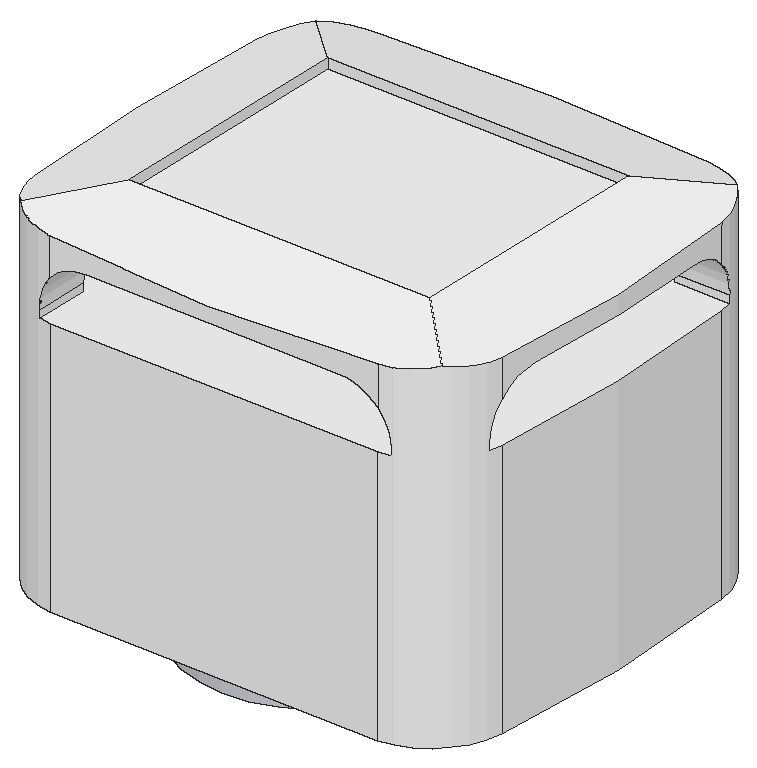
Revit family "CADS_AIRFLOWdev_Fan_LOOVENTeco_dMEV", category Mechanical Equipment, host Face, Revit 2015
Parameters (values of type "LVECOD")
  WeeklyMaintenance = "N/A"
  WarrantyStartDate [instance] = "1900-12-31T23:59:110"
  WarrantyPeriodWhenRegistered = "N/A"
  WarrantyPeriodForMotors = "1"
  WarrantyPeriod = "5"
  WarrantyGuarantorParts = "info@airflow.com"
  WarrantyGuarantorLabor = "info@airflow.com"
  WarrantyGuarantor = "Airflow Developments Ltd"
  WarrantyEndDate [instance] = "1900-12-31T23:59:88"
  WarrantyContent = "Covered against faulty material or workmanship - not reinstallation if needed"
  Variable_Speed = no
  Uniclass2015 = "Pr_65_67_29_12"
  Type = "LVECODSHT"
  Timer = no
  TagNumber [instance] = "N/A"
  SustainabilityPerformance = "N/A"
  SupplyPhase = 1
  Status = "New"
  StartingTime = 5.0 s
  Size = "138.5 x 187 x 167"
  ShippingWeight = 1.40 kg
  Shape = "Square"
  ServiceLifeType = "ExpectedServiceLife"
  ServiceLifeDuration = "3"
  SerialNumber [instance] = "N/A"
  SELV T = no
  SELV HT = yes
  SAPApproval [instance] = no
  RoomExtractAirTerminalDevices = "Low voltage, continuously running (dMEV) en-suite, toilet, bathroom, utility room and kitchen (adjacent to hob) fan"
  ReplacementCost = "310.8"
  RedDotDesignAward = no
  RatedVoltage = 12 V
  RatedCurrent = 3 A
  Rad = 30 mm
  QuietMarkApproval = no
  QuarterlyMaintenance = "N/A"
  Quantity = 1
  ProductionYear = "2017"
  ProductLiterature = "https://www.airflow.com/pdf/Residential%20low%20res%20pdfs/Loovent%20eco%20dMEV.pdf"
  PressureCurve = "https://www.airflow.com/pdf/Residential%20low%20res%20pdfs/Loovent%20eco%20dMEV.pdf"
  PowerSource = "System-powered"
  PointOfContact = "Airflow Developments Ltd"
  Plot Main Unit Driver = ""
  PassiveHouseApproval [instance] = no
  OperationTemperatureRange = "up to 40°C"
  OperationAndMaintenanceManual = "https://www.airflow.com/pdf/OperatingInstructions/LOOVENT%20eco/LOOVENT%20eco%20dMEV%20SELV%20fan%20installation%20guide%2013032017.pdf"
  NumberOfPoles = 1
  NominalWidth = 187 mm
  NominalStaticPressure = 115.0 Pa
  NominalRotationSpeed = 41.6 Hz
  NominalPowerRate = 12 W
  NominalLength = 138.5 mm
  NominalHeight = 167 mm
  NominalFrequencyRange = "50-60"
  NominalAirFlowRate = 31.0 L/s
  NBSCode = "90-45-30/320 Centrifugal fans;"
  MotorEnclosureType = "Totally Enclosed Air Over"
  MotorDriveType = "Direct Drive"
  Motion_Sensor_Timer = no
  MonthlyMaintenance = "N/A"
  ModelReference = "72684313"
  ModelLabel = "Loovent eco dMEV SELV HT"
  Material = "Plastic"
  ManufacturerWebsite = "www.airflow.com"
  ManufacturerTelephone = "01494 525252"
  ManufacturerE-Mail = "info@airflow.com"
  ManufacturerAddress = "Aidelle House\nLancaster Road\nCressex Business Park\nHigh Wycombe\nBucks\nHP123QP"
  Manufacturer = "Airflow Developments Ltd"
  LOOVENTeco_dMEV = CADS_AirFlow_White
  IsGuarded = yes
  IsExtendedWarranty = no
  InsulationStandardClass = "Double Insulated"
  InstallationDate [instance] = "1900-12-31T23:59:88"
  IfcExportType = "NOTDEFINED"
  IfcExportAs = "IfcFanType"
  ISO90001 = yes
  ISO140001 = yes
  IP_Code = "IPX5"
  I = 187 mm
  Humidity_Timer = no
  HasProtectiveEarth = no
  HasPartWinding = yes
  H = 77.5 mm
  GrossWeight = 1.00 kg
  Grade = "Virgin"
  GlobalTradeItemNumber = "5019009312804"
  G = 76.8 mm
  Flow [instance] = 0.0 L/s
  FireControlPanelLinks = no
  Finish = "Gloss"
  Features = "Low voltage, continuously running centrifugal fan\nUp to 31l/sec flow rate\nSmallest 30l/sec fan in its class\nAdjustable humidity sensor between 40-90% RH with adjustable timer overrun can be set between 2-45mins\nCan be fitted surface or recessed in both portrait and landscape\nUses same spigot position and mounting as Loovent\nUses just 2.8W\nIPX5 rating"
  Fan = "Low voltage, continuously running (dMEV), 2 speed centrifugal extract fan"
  F = 22 mm
  ExternalExhaustAirTerminals = "90% free air grille"
  ExpectedServiceLife = 5
  Exclusions = "Hasn't been installed or used in accordance with the instructions\nConnected with an unsuitable electrical supply\nHas been misused, neglected or damaged\nModified or repaired by someone not authorised by Airflow Developments Ltd\nHasn't been installed according to Building Regulations or IEEE wiring regulations"
  ErPFiche = "https://www.airflow.com/AIR1/AIR1-SHOP2/images/products/ErP/fiche/72684313%20ErP%20Product%20Fiche.jpg"
  ErPEnergyRating = "C"
  E = 99 mm
  DurationUnit = "Year"
  Ductwork = "100mm flexible or rigid"
  DesignOfDomesticVentilation = "This fan should provide the minimum flow rates outlined and installed in line with Approved Document Part F of the Building Regulations."
  Description = "A continuously running, low voltage, intermittent, 2 speed centrifugal fan - smallest fan in its class"
  Default Elevation = 1219.2 mm
  DailyMaintenance = "N/A"
  D = 138.5 mm
  Controls = "Adjustable humidity 40-90% RH sensor with between 2-45 adjustable timer overrun"
  Constituents = "N/A"
  ConductorFunction = "N/A"
  Color = "White"
  CodePerformance = "N/A"
  Chord = 6 mm
  Category = "Pr_65_67_29_12:Centrifugal Fans"
  CapacityControlType = "Two Speed"
  CEApproval = yes
  C = 167 mm
  Basic = no
  BMSLinks = no
  B = 85.5 mm
  AssetType = "Fixed"
  AssetIdentifier [instance] = "N/A"
  AssemblyPlace = "UKNOWN"
  ArticleNumber = "N/A"
  AnnualMaintenance = "N/A"
  AccessibilityPerformance = "N/A"
  AccessClearanceTop = 350 mm
  AccessClearanceRight = 350 mm
  AccessClearanceRear = 0 mm
  AccessClearanceLeft = 350 mm
  AccessClearanceFront = 350 mm
  AccessClearanceBottom = 350 mm
  6MonthlyMaintenance = "Visually inspect system, clean the fan and ducting if necessary"
Types (4, lengths in mm): name | WarrantyStartDate | WarrantyEndDate | Type | ShippingWeight | SELV T | SELV HT | RoomExtractAirTerminalDevices | ReplacementCost | RatedVoltage | Quantity | OperationAndMaintenanceManual | ModelReference | ModelLabel | InstallationDate | Humidity_Timer | GlobalTradeItemNumber | Features | Fan | ErPFiche | ErPEnergyRating | Description | Controls | CapacityControlType
  LVECOD | "1900-12-31T23:59:110" | "1900-12-31T23:59:88" | "LVECODSHT" | 1.40 kg | no | yes | "Low voltage, continuously running (dMEV) en-suite, toilet, bathroom, utility room and kitchen (adjacent to hob) fan" | "310.8" | 12 V | 1 | "https://www.airflow.com/pdf/OperatingInstructions/LOOVENT%20eco/LOOVENT%20eco%20dMEV%20SELV%20fan%20installation%20guide%2013032017.pdf" | "72684313" | "Loovent eco dMEV SELV HT" | "1900-12-31T23:59:88" | no | "5019009312804" | "Low voltage, continuously running centrifugal fan\nUp to 31l/sec flow rate\nSmallest 30l/sec fan in its class\nAdjustable humidity sensor between 40-90% RH with adjustable timer overrun can be set between 2-45mins\nCan be fitted surface or recessed in both portrait and landscape\nUses same spigot position and mounting as Loovent\nUses just 2.8W\nIPX5 rating" | "Low voltage, continuously running (dMEV), 2 speed centrifugal extract fan" | "https://www.airflow.com/AIR1/AIR1-SHOP2/images/products/ErP/fiche/72684313%20ErP%20Product%20Fiche.jpg" | "C" | "A continuously running, low voltage, intermittent, 2 speed centrifugal fan - smallest fan in its class" | "Adjustable humidity 40-90% RH sensor with between 2-45 adjustable timer overrun" | "Two Speed"
  LVECODHT | "1900-12-31T23:59:106" | "1900-12-31T23:59:84" | "LVECODHT" | 1.15 kg | no | no | "Continuously running (dMEV) en-suite, toilet, bathroom, utility room and kitchen (adjacent to hob) fan" | "309.744" | 230 V | 0 | "https://www.airflow.com/pdf/OperatingInstructions/LOOVENT%20eco/LOOVENT%20eco%20dMEV%20230V%20fan%20installation%20guide%2013032017.pdf" | "72684311" | "Loovent eco dMEV HT" | "1900-12-31T23:59:84" | yes | "5019009311746" | "Continuously running centrifugal fan\nUp to 31l/sec flow rate\nSmallest 30l/sec fan in its class\nAdjustable humidity sensor between 40-90% RH with adjustable timer overrun can be set between 2-45mins\nCan be fitted surface or recessed in both portrait and landscape\nUses same spigot position and mounting as Loovent\nUses just 2.8W\nIPX5 rating" | "Continuously running (dMEV), 2 speed centrifugal extract fan" | "https://www.airflow.com/AIR1/AIR1-SHOP2/images/products/ErP/fiche/72684311%20ErP%20Product%20Fiche.jpg" | "C" | "A continuously running, intermittent, 2 speed centrifugal fan - smallest fan in its class" | "Adjustable humidity 40-90% RH sensor with between 2-45 adjustable timer overrun" | "Other"
  LVECODST | "1900-12-31T23:59:109" | "1900-12-31T23:59:87" | "LVECODST" | 1.40 kg | yes | no | "Low voltage, continuously running (dMEV) en-suite, toilet, bathroom, utility room and kitchen (adjacent to hob) fan" | "262.8" | 12 V | 0 | "https://www.airflow.com/pdf/OperatingInstructions/LOOVENT%20eco/LOOVENT%20eco%20dMEV%20SELV%20fan%20installation%20guide%2013032017.pdf" | "72684312" | "Loovent eco dMEV SELV T" | "1900-12-31T23:59:87" | no | "5019009312798" | "Low voltage, continuously running centrifugal fan\nUp to 31l/sec flow rate\nSmallest 30l/sec fan in its class\nAdjustable timer overrun can be set between 2-45mins\nCan be fitted surface or recessed in both portrait and landscape\nUses same spigot position and mounting as Loovent\nUses just 2.8W\nIPX5 rating" | "Low voltage, continuously running (dMEV), 2 speed centrifugal extract fan" | "https://www.airflow.com/AIR1/AIR1-SHOP2/images/products/ErP/fiche/72684312%20ErP%20Product%20Fiche.jpg" | "E" | "A continuously running, low voltage, intermittent, 2 speed centrifugal fan - smallest fan in its class" | "Adjustable Timer overrun can be set between 2-45minutes" | "Two Speed"
  SELV HT | "1900-12-31T23:59:110" | "1900-12-31T23:59:88" | "LVECODSHT" | 1.40 kg | no | yes | "Low voltage, continuously running (dMEV) en-suite, toilet, bathroom, utility room and kitchen (adjacent to hob) fan" | "310.8" | 12 V | 0 | "https://www.airflow.com/pdf/OperatingInstructions/LOOVENT%20eco/LOOVENT%20eco%20dMEV%20SELV%20fan%20installation%20guide%2013032017.pdf" | "72684313" | "Loovent eco dMEV SELV HT" | "1900-12-31T23:59:88" | no | "5019009312804" | "Low voltage, continuously running centrifugal fan\nUp to 31l/sec flow rate\nSmallest 30l/sec fan in its class\nAdjustable humidity sensor between 40-90% RH with adjustable timer overrun can be set between 2-45mins\nCan be fitted surface or recessed in both portrait and landscape\nUses same spigot position and mounting as Loovent\nUses just 2.8W\nIPX5 rating" | "Low voltage, continuously running (dMEV), 2 speed centrifugal extract fan" | "https://www.airflow.com/AIR1/AIR1-SHOP2/images/products/ErP/fiche/72684313%20ErP%20Product%20Fiche.jpg" | "C" | "A continuously running, low voltage, intermittent, 2 speed centrifugal fan - smallest fan in its class" | "Adjustable humidity 40-90% RH sensor with between 2-45 adjustable timer overrun" | "Two Speed"
Reference planes
  plane 1 "Center (Front/Back)": y = 0
  plane 2: z = 0
  plane 3 "Center (Left/Right)": x = 0
  plane 4: x = -93.5
  plane 5: x = 93.5
  plane 6: y = 83.5
  plane 7: y = -83.5
  plane 8 "Top": z = 138.5
  plane 9: z = -22
  plane 10: x = -87.5
  plane 11: x = 87.5
  plane 12: y = 77.5
  plane 13: y = -77.5
  plane 14: z = 85.5
  plane 15: y = -6.7
  plane 16: x = -16
  plane 17: z = 100.5
  plane 18: z = 123.5
  plane 19: x = -58.5
  plane 20: x = 58.5
  plane 21: y = 48.5
  plane 22: y = -48.5
  plane 23: z = 146.675
  plane 24: z = 130.5
  plane 25: y = 42.5
  plane 26: y = -42.5
  plane 27: x = 52.5
  plane 28: x = -52.5
  plane 29: z = 134.59
  plane 30: x = -68.5
  plane 31: x = 68.5
  plane 32: y = 58.5
  plane 33: y = -58.5
Forms (mm)
  Extrusion 1, solid
    sketch origin (0, 0, 0) x (1, 0, 0) y (0, 1, 0)
      loop
        circle (-16, -6.7) r 49.5
    from 0 to -22
  Extrusion 2, solid, material "CADS_AirFlow_White" <- "LOOVENTeco_dMEV", detail levels medium+fine
    sketch origin (0, 0, 0) x (1, 0, 0) y (0, 1, 0)
      loop
        arc (-63.812, 80.316) -> (-81.974, 71.743) -> (-90.658, 53.635) r 30
        arc (-90.658, 53.635) -> (-93.5, 0) -> (-90.658, -53.635) r 507.521
        arc (-90.658, -53.635) -> (-81.974, -71.743) -> (-63.812, -80.316) r 30
        arc (-63.812, -80.316) -> (0, -83.5) -> (63.812, -80.316) r 641.021
        arc (63.812, -80.316) -> (81.974, -71.743) -> (90.658, -53.635) r 30
        arc (90.658, -53.635) -> (93.5, 0) -> (90.658, 53.635) r 507.521
        arc (90.658, 53.635) -> (81.974, 71.743) -> (63.812, 80.316) r 30
        arc (63.812, 80.316) -> (0, 83.5) -> (-63.812, 80.316) r 641.021
    from 0 to 138.5
  Extrusion 3, void
    sketch origin (0, 0, 0) x (1, 0, 0) y (0, 0, 1)
      loop
        line (-68.5, 100.5) -> (68.5, 100.5) -> (68.5, 103.5)
        arc (68.5, 103.5) -> (62.642, 117.642) -> (48.5, 123.5) r 20
        line (48.5, 123.5) -> (-48.5, 123.5)
        arc (-48.5, 123.5) -> (-62.642, 117.642) -> (-68.5, 103.5) r 20
        line (-68.5, 103.5) -> (-68.5, 100.5)
    from -98.966 to 114.237
  Extrusion 4, void
    sketch origin (0, 0, 0) x (0, 1, 0) y (0, 0, 1)
      loop
        line (38.5, 123.5) -> (-38.5, 123.5)
        arc (-38.5, 123.5) -> (-52.642, 117.642) -> (-58.5, 103.5) r 20
        line (-58.5, 103.5) -> (-58.5, 100.5) -> (58.5, 100.5) -> (58.5, 103.5)
        arc (58.5, 103.5) -> (52.642, 117.642) -> (38.5, 123.5) r 20
    from -113.559 to 111.765
  Extrusion 5, void
    sketch origin (0, 0, 0) x (1, 0, 0) y (0, 0, 1)
      loop
        line (-93.5, 130.5) -> (-58.5, 138.5) -> (58.5, 138.5) -> (93.5, 130.5) -> (93.5, 146.675) -> (-93.5, 146.675) -> (-93.5, 130.5)
    from -105.725 to 106.274
  Extrusion 6, void
    sketch origin (0, 0, 0) x (0, 1, 0) y (0, 0, 1)
      loop
        line (83.5, 130.5) -> (83.5, 146.675) -> (-83.5, 146.675) -> (-83.5, 130.5) -> (-48.5, 138.5) -> (48.5, 138.5) -> (83.5, 130.5)
    from -107.28 to 119.485
  Extrusion 7, void
    sketch origin (0, 0, 138.5) x (-1, 0, 0) y (0, -1, 0)
      loop
        line (58.5, -48.5) -> (58.5, 48.5) -> (-58.5, 48.5) -> (-58.5, -48.5) -> (58.5, -48.5)
    from -3.91 to 25
  Extrusion 8, solid, material "CADS_AirFlow_White" <- "LOOVENTeco_dMEV", detail levels coarse
    sketch origin (0, 0, 138.5) x (-1, 0, 0) y (0, -1, 0)
      loop
        line (93.5, -83.5) -> (93.5, 83.5) -> (-93.5, 83.5) -> (-93.5, -83.5) -> (93.5, -83.5)
    from -138.5 to 0
Cuts and joins
  Extrusion 3, Extrusion 4, Extrusion 5, Extrusion 6, Extrusion 7 cuts Extrusion 2
Dimensions and locks
  equal spacing: plane 4, plane 3 "Center (Left/Right)", plane 5
  equal spacing: plane 6, plane 1 "Center (Front/Back)", plane 7
  "I": plane 4 to plane 5
  "C": plane 6 to plane 7
  "D": plane 8 "Top" to level
  "F": level to plane 9
  locked: plane 6 to plane 12 at 6
  locked: plane 13 to plane 7 at 6
  locked: plane 4 to plane 10 at 6
  locked: plane 11 to plane 5 at 6
  "Chord": Extrusion 2 sketch curve to plane 12
  "Chord": plane 13 to Extrusion 2 sketch curve
  "Chord": Extrusion 2 sketch curve to plane 10
  "Chord": plane 11 to Extrusion 2 sketch curve
  "B": plane 14 to level
  "G": plane 15 to plane 7
  "H": plane 4 to plane 16
  plane 8 "Top" to plane 18 = 15 mm
  locked: plane 17 to plane 14 at 15
  plane 19 to plane 4 = 35 mm
  plane 5 to plane 20 = 35 mm
  plane 6 to plane 21 = 35 mm
  plane 22 to plane 7 = 35 mm
  locked: plane 23 to plane 8 "Top" at 8.175
  locked: plane 8 "Top" to plane 24 at 8
  locked: plane 19 to plane 28 at 6
  locked: plane 27 to plane 20 at 6
  locked: plane 26 to plane 22 at 6
  locked: plane 21 to plane 25 at 6
  locked: plane 29 to plane 8 "Top" at 3.91
  locked: plane 5 to plane 31 at 25
  locked: plane 30 to plane 4 at 25
  locked: plane 6 to plane 32 at 25
  locked: plane 33 to plane 7 at 25
  "E": diameter of Extrusion 1 sketch curve
  "Rad": radius of Extrusion 2 sketch curve  (x4)
  aligned and locked: plane 2 to host face
  aligned and locked: level to host face
  aligned and locked: Extrusion 1 to plane 9
  aligned and locked: plane 8 "Top" to Extrusion 2
  aligned and locked: plane 18 to Extrusion 4 sketch curve
  aligned and locked: Extrusion 4 sketch curve to plane 17
  aligned and locked: Extrusion 7 to plane 29
  aligned and locked: plane 21 to Extrusion 7 sketch curve
  aligned and locked: Extrusion 7 sketch curve to plane 20
  aligned and locked: Extrusion 7 sketch curve to plane 22
  aligned and locked: plane 19 to Extrusion 7 sketch curve
  aligned and locked: Extrusion 3 sketch curve to plane 30
  aligned and locked: plane 31 to Extrusion 3 sketch curve
  aligned and locked: plane 32 to Extrusion 4 sketch curve
  aligned and locked: Extrusion 4 sketch curve to plane 33
  aligned and locked: Extrusion 8 sketch curve to plane 6
  aligned and locked: plane 7 to Extrusion 8 sketch curve
  aligned and locked: Extrusion 8 to level
  aligned and locked: plane 8 "Top" to Extrusion 8
Automatic sketch dimensions
  host sketch curve to host sketch curve = 2438.4 mm  (x2)
  Extrusion 3 sketch curve to plane 18 = 0 mm
  Extrusion 3 sketch curve to plane 17 = 0 mm
  plane 17 to Extrusion 3 sketch curve = 3 mm  (x2)
  plane 17 to Extrusion 4 sketch curve = 3 mm  (x2)
  Extrusion 5 sketch curve to plane 4 = 0 mm
  Extrusion 5 sketch curve to plane 8 "Top" = 0 mm
  Extrusion 5 sketch curve to plane 19 = 0 mm
  Extrusion 5 sketch curve to plane 20 = 0 mm
  Extrusion 5 sketch curve to plane 5 = 0 mm
  Extrusion 5 sketch curve to plane 24 = 0 mm  (x2)
  Extrusion 5 sketch curve to plane 23 = 0 mm
  Extrusion 6 sketch curve to plane 7 = 0 mm
  Extrusion 6 sketch curve to plane 8 "Top" = 0 mm
  Extrusion 6 sketch curve to plane 22 = 0 mm
  Extrusion 6 sketch curve to plane 21 = 0 mm
  Extrusion 6 sketch curve to plane 6 = 0 mm
  Extrusion 6 sketch curve to plane 24 = 0 mm  (x2)
  Extrusion 6 sketch curve to plane 23 = 0 mm
  Extrusion 8 sketch curve to plane 5 = 0 mm
  Extrusion 8 sketch curve to plane 4 = 0 mm
  Extrusion 1 sketch curve to plane 15 = 0 mm
  Extrusion 1 sketch curve to plane 16 = 0 mm
  plane 1 "Center (Front/Back)" to Extrusion 2 sketch curve = 0 mm  (x2)
  Extrusion 2 sketch curve to plane 3 "Center (Left/Right)" = 0 mm  (x2)
  Extrusion 2 sketch curve to plane 19 = 2.326 mm  (x2)
  Extrusion 2 sketch curve to plane 4 = 320.521 mm
  plane 20 to Extrusion 2 sketch curve = 2.326 mm  (x2)
  plane 5 to Extrusion 2 sketch curve = 320.521 mm
  plane 22 to Extrusion 2 sketch curve = 1.965 mm  (x2)
  Extrusion 2 sketch curve to plane 7 = 474.021 mm
  Extrusion 2 sketch curve to plane 21 = 1.965 mm  (x2)
  plane 6 to Extrusion 2 sketch curve = 474.021 mm
Connectors
  electrical at (0, 0, 0), driven by "NumberOfPoles", driven by "RatedVoltage", driven by "NominalPowerRate", driven by "NominalPowerRate"
    settings: index 1, voltage 12 V, apparent load 12 VA, apparent load phase1 12 VA, apparent load phase2 0 VA, apparent load phase3 0 VA, power factor 1, load classification "Other", number of poles 1, system type 30, power factor state 1, is connector primary yes, connector utility no, sub classification motor no, connector description ""
  hvac at (-16, -6.7, 0), driven by "Flow"
    settings: on Extrusion 1, index 2, duct flow 0.0 L/s, flow factor 0, pres drop 0.0 Pa, loss coef 0, conn angle 0.00°, conn width 304.8 mm, conn height 304.8 mm, conn diameter 100 mm, duct sys type 3, conn prof type 0, flow config 1, flow direction 2, loss method 0, conn ref index -1, conn util no, is conn primary yes, conn desc ""
